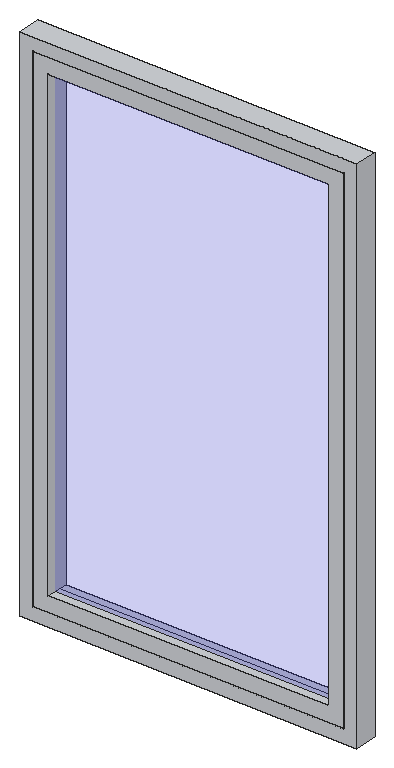
Revit family "Janela pivotante horizontal - 1 Painel", category Janelas, Revit 2019
Family settings
  Hospedeiro = Parede
  Número OmniClass = 23.30.20.00
  Título OmniClass = Windows
  Sempre na vertical = Sim
  Corte com vazios quando carregada = Não
  Compartilhado = Não
  Ponto de cálculo do ambiente = Não
Parameters
  Visual Light Transmittance = 0.9
  Solar Heat Gain Coefficient = 0.86
  Rough Width = Width  # 900 mm
  Rough Height = Height  # 1400 mm
  Largura da moldura do painel = 40 mm
  ID do tipo de construção = ""
  Height = 1400 mm
  Coeficiente de transferência de calor (U) = 5.5617 W/(m²·K)
  H2 = Height / 2  # 700 mm
  H1 = Height / 2 - Largura da estrutura  # 665 mm
  Vidro = none
  Largura da estrutura = 35 mm
  Espessura da moldura = 60 mm
  Material da moldura = none
  Altura-padrão do peitoril = 650 mm
  Fechamento da parede = Por hospedeiro
  Width = 900 mm
  Construção analítica = Janelas grandes envidraçadas únicas
Reference planes
  plane 1 "Centro (Frente/Trás)": y = 0
  plane 2 "Centro (Esquerda/Direita)": x = 0
  plane 3 "Esquerda": x = -450
  plane 4 "Direita": x = 450
  plane 5 "Peitoril": z = 650
  plane 6 "Extremidade superior": z = 2050
  plane 7 "Exterior": y = 100
  plane 8 "Interior": y = -100
  plane 9: z = 0
  plane 10: x = -415
  plane 11: x = 415
  plane 12: x = -375
  plane 13: x = 375
  plane 14: y = -40
  plane 15: y = -70
  plane 16: z = 2015
  plane 17: z = 685
  plane 18: z = 1975
  plane 19: z = 725
  plane 20: x = -410
  plane 21: x = 410
  plane 22: z = 2010
  plane 23: z = 690
  plane 24: z = 1350
Forms (mm)
  Sweep 1, solid, material <- "Material da moldura", detail levels fine
    path origin (0, 100, 0) x (1, 0, 0) y (0, 0, 1)
      loop
        line (450, 2050) -> (-450, 2050) -> (-450, 650) -> (450, 650) -> (450, 2050)
    profile origin (-450, 100, 2050) x (0, -1, 0) y (1, 0, 0)
      loop
        line (140, 0) -> (200, 0) -> (200, 35) -> (140, 35) -> (140, 0)
  Sweep 2, solid, material <- "Material da moldura", detail levels fine
    path origin (0, 100, 0) x (1, 0, 0) y (0, 0, 1)
      loop
        line (415, 2015) -> (-415, 2015) -> (-415, 685) -> (415, 685) -> (415, 2015)
    profile origin (-415, 100, 2015) x (0, -1, 0) y (1, 0, 0)
      loop
        line (140, 0) -> (200, 0) -> (200, 40) -> (140, 40) -> (140, 0)
  Extrusion 3, solid, material <- "Vidro", detail levels fine
    sketch origin (0, 0, 0) x (1, 0, 0) y (0, 1, 0)
      loop
        line (-375, -63) -> (-375, -77) -> (375, -77) -> (375, -63) -> (-375, -63)
    from 725 to 1975
  Sweep 4, solid, material <- "Material da moldura", detail levels coarse+medium
    path origin (0, 100, 0) x (1, 0, 0) y (0, 0, 1)
      loop
        line (450, 2050) -> (-450, 2050) -> (-450, 650) -> (450, 650) -> (450, 2050)
    profile origin (-450, 100, 2050) x (0, -1, 0) y (1, 0, 0)
      loop
        line (140, 0) -> (200, 0) -> (200, 40) -> (140, 40) -> (140, 0)
  Extrusion 5, solid, material <- "Vidro", detail levels coarse+medium
    sketch origin (0, 0, 0) x (1, 0, 0) y (0, 1, 0)
      loop
        line (-410, -63) -> (-410, -77) -> (410, -77) -> (410, -63) -> (-410, -63)
    from 690 to 2010
Lines and regions (mm)
  Opening 1
    outline origin (3500, -100, 0) x (1, 0, 0) y (0, 0, 1)
      loop
        line (-3050, 650) -> (-3050, 2050) -> (-3950, 2050) -> (-3950, 650) -> (-3050, 650)
  symbolic lines, style "WindowsGlassProjection", detail levels coarse
    curve 1: line (-410, -70, 0) -> (410, -70, 0)
    curve 4: line (-450, -70, 2010) -> (-450, -70, 690)
  symbolic lines, style "WindowsGlassProjection", detail levels medium
    curve 2: line (-410, -63, 0) -> (410, -63, 0)
    curve 3: line (-410, -77, 0) -> (410, -77, 0)
    curve 5: line (-450, -63, 2010) -> (-450, -63, 690)
    curve 6: line (-450, -77, 690) -> (-450, -77, 2010)
  symbolic lines, style "Giro da elevação", detail levels coarse+medium
    curve 7: line (0, 100, 2050) -> (450, 100, 1350)
    curve 8: line (450, 100, 1350) -> (0, 100, 650)
    curve 9: line (0, 100, 650) -> (-450, 100, 1350)
    curve 10: line (-450, 100, 1350) -> (0, 100, 2050)
  symbolic lines, style "Giro da elevação", detail levels fine
    curve 11: line (0, 100, 2015) -> (415, 100, 1350)
    curve 12: line (415, 100, 1350) -> (0, 100, 685)
    curve 13: line (0, 100, 685) -> (-415, 100, 1350)
    curve 14: line (-415, 100, 1350) -> (0, 100, 2015)
  symbolic lines, style "Giro da planta", detail levels coarse+medium
    curve 15: line (-450, -70, 1350) -> (-450, -614.002, 1790.524)
    curve 16: arc (450, -614.002, 1790.524) -> (450, -371.358, 1981.81) -> (450, -70, 2050) r 700
    curve 17: line (450, -70, 1350) -> (450, 474.002, 909.476)
    curve 18: arc (450, 474.002, 909.476) -> (450, 231.358, 718.19) -> (450, -70, 650) r 700
  symbolic lines, style "Giro da planta", detail levels fine
    curve 19: line (450, -70, 1350) -> (450, -586.802, 1768.498)
    curve 20: arc (450, -586.802, 1768.498) -> (450, -356.29, 1950.219) -> (450, -70, 2015) r 665
    curve 21: line (450, -70, 1350) -> (450, 446.802, 931.502)
    curve 22: arc (450, 446.802, 931.502) -> (450, 216.29, 749.781) -> (450, -70, 685) r 665
Text (mm)
  text "EXTERIOR" at (-1963.203, 1332.353, 0), in view "Nível de referência"
  text "INTERIOR" at (-1981.466, -818.386, 0), in view "Nível de referência"
  text "Externo" at (0, 923.751, 2943.296), in view "Direita"
  text "Externo" at (0, 1040.484, 2685.409), in view "Esquerda"
Dimensions and locks
  equal spacing: plane 3 "Esquerda", plane 2 "Centro (Esquerda/Direita)", plane 4 "Direita"
  "Width": plane 3 "Esquerda" to plane 4 "Direita"
  "Height": plane 5 "Peitoril" to plane 6 "Extremidade superior"
  "Altura-padrão do peitoril": plane 5 "Peitoril" to level
  locked: plane 7 "Exterior" to host wall at 0
  locked: plane 8 "Interior" to host wall
  "Largura da estrutura": plane 3 "Esquerda" to plane 10
  "Largura da estrutura": plane 11 to plane 4 "Direita"
  "Largura da moldura do painel": plane 10 to plane 12
  "Largura da moldura do painel": plane 13 to plane 11
  "Espessura da moldura": plane 14 to plane 8 "Interior"
  "Largura da estrutura": plane 16 to plane 6 "Extremidade superior"
  "Largura da estrutura": plane 5 "Peitoril" to plane 17
  Extrusion 3 sketch curve to plane 15 to Extrusion 3 sketch curve = 7 mm locked, 7 mm locked
  "Largura da moldura do painel": plane 18 to plane 16
  "Largura da moldura do painel": plane 17 to plane 19
  "Largura da moldura do painel": plane 3 "Esquerda" to plane 20
  "Largura da moldura do painel": plane 21 to plane 4 "Direita"
  Extrusion 5 sketch curve to plane 15 to Extrusion 5 sketch curve = 7 mm locked, 7 mm locked
  curve 3 to plane 15 to curve 2 = 7 mm locked, 7 mm locked
  "Largura da moldura do painel": plane 22 to plane 6 "Extremidade superior"
  "Largura da moldura do painel": plane 5 "Peitoril" to plane 23
  curve 5 to plane 15 to curve 6 = 7 mm locked, 7 mm locked
  plane 23 to plane 19 = 35 mm
  equal spacing: plane 14, plane 15, plane 8 "Interior"
  equal spacing: plane 5 "Peitoril", plane 24, plane 6 "Extremidade superior"
  "H2": curve 15 to curve 15
  "H2": curve 17 to curve 17
  "H1": curve 19 to curve 19
  "H1": curve 21 to curve 21
  "H2": radius of curve 16
  "H2": radius of curve 18
  "H1": radius of curve 20
  "H1": radius of curve 22
  locked: plane 15 to curve 15 (angle 51.00°)
  locked: plane 15 to curve 17 (angle 51.00°)
  locked: plane 15 to curve 19 (angle 51.00°)
  locked: plane 15 to curve 21 (angle 51.00°)
  locked: curve 16 to curve 16 (angle 51.00°)
  aligned and locked: level to plane 9
  aligned and locked: plane 4 "Direita" to Sweep 1 sketch curve
  aligned and locked: Sweep 1 sketch curve to plane 3 "Esquerda"  (x2)
  aligned and locked: plane 6 "Extremidade superior" to Sweep 1 sketch curve
  aligned and locked: Sweep 1 sketch curve to plane 5 "Peitoril"
  aligned and locked: Sweep 1 sketch curve to plane 14
  aligned and locked: Sweep 1 sketch curve to plane 8 "Interior"
  aligned and locked: Sweep 1 sketch curve to plane 10
  aligned and locked: Sweep 2 sketch curve to plane 16
  aligned and locked: plane 17 to Sweep 2 sketch curve
  aligned and locked: Sweep 2 sketch curve to plane 11
  aligned and locked: plane 10 to Sweep 2 sketch curve  (x2)
  aligned and locked: Sweep 2 sketch curve to plane 8 "Interior"
  aligned and locked: Sweep 2 sketch curve to plane 12
  aligned and locked: plane 12 to Extrusion 3 sketch curve
  aligned and locked: Extrusion 3 sketch curve to plane 13
  aligned and locked: plane 18 to Extrusion 3
  aligned and locked: Extrusion 3 to plane 19
  aligned and locked: plane 6 "Extremidade superior" to Sweep 4 sketch curve
  aligned and locked: Sweep 4 sketch curve to plane 5 "Peitoril"
  aligned and locked: Sweep 4 sketch curve to plane 3 "Esquerda"  (x2)
  aligned and locked: plane 4 "Direita" to Sweep 4 sketch curve
  aligned and locked: Sweep 4 sketch curve to plane 8 "Interior"
  aligned and locked: Sweep 4 sketch curve to plane 20
  aligned and locked: plane 20 to Extrusion 5 sketch curve
  aligned and locked: Extrusion 5 sketch curve to plane 21
  aligned and locked: curve 1 to plane 15
  aligned and locked: plane 20 to curve 1
  aligned and locked: plane 21 to curve 1
  aligned and locked: plane 21 to curve 2
  aligned and locked: plane 21 to curve 3
  aligned and locked: plane 20 to curve 2
  aligned and locked: plane 20 to curve 3
  aligned and locked: plane 22 to Extrusion 5  (x2)
  aligned and locked: Extrusion 5 to plane 23
  aligned and locked: plane 15 to curve 4
  aligned and locked: plane 23 to curve 4
  aligned and locked: plane 22 to curve 4
  aligned and locked: plane 22 to curve 6
  aligned and locked: plane 23 to curve 5
  aligned and locked: plane 23 to curve 6
  aligned and locked: Sweep 2 sketch curve to plane 14
  aligned and locked: Sweep 4 sketch curve to plane 14
  aligned and locked: plane 6 "Extremidade superior" to curve 7
  aligned and locked: plane 2 "Centro (Esquerda/Direita)" to curve 7
  aligned and locked: plane 24 to curve 9
  aligned and locked: plane 24 to curve 8
  aligned and locked: plane 4 "Direita" to curve 7
  aligned and locked: plane 3 "Esquerda" to curve 10
  aligned and locked: plane 5 "Peitoril" to curve 8
  aligned and locked: plane 2 "Centro (Esquerda/Direita)" to curve 9
  aligned and locked: plane 16 to curve 14
  aligned and locked: plane 2 "Centro (Esquerda/Direita)" to curve 14
  aligned and locked: plane 24 to curve 12
  aligned and locked: plane 11 to curve 11
  aligned and locked: plane 17 to curve 13
  aligned and locked: plane 2 "Centro (Esquerda/Direita)" to curve 12
  aligned and locked: plane 10 to curve 13
  aligned and locked: plane 24 to curve 14
  aligned and locked: plane 15 to curve 15
  aligned and locked: plane 24 to curve 15
  aligned and locked: plane 15 to curve 16  (x2)
  aligned and locked: plane 24 to curve 16
  aligned and locked: plane 15 to curve 18  (x2)
  aligned and locked: plane 15 to curve 19
  aligned and locked: plane 15 to curve 20  (x2)
  aligned and locked: plane 15 to curve 22  (x2)
  aligned and locked: plane 24 to curve 22
Automatic sketch dimensions
  Opening 1 sketch curve to plane 3 "Esquerda" = 0 mm
  Opening 1 sketch curve to plane 4 "Direita" = 0 mm
  Opening 1 sketch curve to plane 5 "Peitoril" = 0 mm
  Opening 1 sketch curve to plane 6 "Extremidade superior" = 0 mm
  curve 5 to plane 22 = 0 mm
